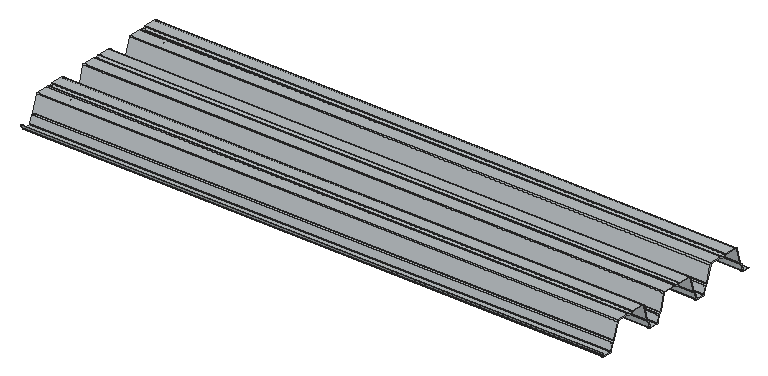
Revit family "28_SB_NL_Delft_Profielen_106R_750", category Structural Framing, Revit 2016
Family settings
  Section Shape = Not Defined
  Material for Model Behavior = Other
  Always export as geometry = No
  OmniClass Number = 23.25.30.11.14.14
  OmniClass Title = Beams
  Always vertical = Yes
  Cut with Voids When Loaded = No
  Symbolic Representation = From Family
  Shared = No
  Show family pre-cut in plan views = Yes
Parameters (values of type "106R_750")
  Vrijkomen van cadium = "NPD"
  URL = "www.delftprofielen.nl"
  Type plaat = 28_Prof_106_750 : 106_750
  Toleranties op vorm en afmetingen = "Tolerantieklasse D1 volgens EN 1090-2"
  Structural Material [instance] = (empty or 0)
  Reactie op bbrand = "Klasse A1"
  Radioactieve straling = "NPD"
  Ontwerp = "NPD"
  Norm = "NEN-EN 1090-1: 2009 + A1:2011"
  Minimale plaatlengte = 1500 mm
  Minimale overlap = 100 mm
  Maximale plaatlengte = 25000 mm
  Materiaal = S320D GD
  Manufacturer = "Delft profielen b.v."
  Length [instance] = 3000 mm
  Fabricage = "Warmdakplaten Delft 106R/750 én EN 1090-2"
  Duurzaamheid = "Verzinkt Z-275 gr./m2 of interieur coating 15mu/BC"
  Dikte = 0.75 mm
  Description = "106R/750"
  Datum = "13-4-2018"
  Constructieve kenmerken = "-"
  BIM4ALL B.V. = "www.bim4all.com"
  Assembly Code = "28.31"
Reference planes
  plane 1 "Center (Front/Back)": y = 0
  plane 2 "Center Elevation": z = 0
  plane 3 "Center (Left/Right)": x = 0
  plane 4 "Left": x = -1500
  plane 5 "Member Left": x = -1250
  plane 6 "Stick Symbol Left": x = -1000
  plane 7 "Right": x = 1500
  plane 8 "Member Right": x = 1250
  plane 9 "Stick Symbol Right": x = 1000
Forms (mm)
  Sweep 1, solid, material "S320D GD" <- "Materiaal"
    path origin (0, 0, 0) x (1, 0, 0) y (0, 1, 0)
      loop
        line (-1250, 0) -> (1250, 0)
    profile "28_Prof_106_750 : 106_750" origin (0, 0, 0) x (0, 1, 0) y (0, 0, 1)
      loop
        line (192, 106) -> (139.221, 106)
        arc (139.221, 106) -> (137.826, 105.859) -> (136.486, 105.444) r 7
        line (136.486, 105.444) -> (126.954, 101.397)
        arc (126.954, 101.397) -> (125.001, 101) -> (123.047, 101.397) r 5
        line (123.047, 101.397) -> (113.515, 105.444)
        arc (113.515, 105.444) -> (112.176, 105.859) -> (110.78, 106) r 7
        line (110.78, 106) -> (58, 106)
        arc (58, 106) -> (55.592, 105.194) -> (54.154, 103.1) r 4
        line (54.154, 103.1) -> (35.849, 39.075)
        arc (35.849, 39.075) -> (35.49, 38.281) -> (34.918, 37.623) r 3
        line (34.918, 37.623) -> (29.688, 33.136)
        arc (29.688, 33.136) -> (28.927, 32.262) -> (28.448, 31.206) r 4
        line (28.448, 31.206) -> (20.383, 3.171)
        arc (20.383, 3.171) -> (19.304, 1.603) -> (17.5, 1) r 3
        line (17.5, 1) -> (-17.5, 1)
        arc (-17.5, 1) -> (-19.454, 1.724) -> (-20.465, 3.545) r 3
        arc (-20.465, 3.545) -> (-24.544, 13.496) -> (-31.573, 21.635) r 33.413
        line (-31.573, 21.635) -> (-32.215, 20.869)
        arc (-32.215, 20.869) -> (-25.406, 12.988) -> (-21.447, 3.354) r 32.413
        arc (-21.447, 3.354) -> (-20.09, 0.952) -> (-17.5, 0) r 4
        line (-17.5, 0) -> (17.5, 0)
        arc (17.5, 0) -> (19.906, 0.804) -> (21.344, 2.894) r 4
        line (21.344, 2.894) -> (29.409, 30.929)
        arc (29.409, 30.929) -> (29.768, 31.721) -> (30.339, 32.377) r 3
        line (30.339, 32.377) -> (35.569, 36.864)
        arc (35.569, 36.864) -> (36.332, 37.741) -> (36.81, 38.8) r 4
        line (36.81, 38.8) -> (55.116, 102.825)
        arc (55.116, 102.825) -> (56.194, 104.395) -> (58, 105) r 3
        line (58, 105) -> (110.78, 105)
        arc (110.78, 105) -> (111.976, 104.88) -> (113.124, 104.523) r 6
        line (113.124, 104.523) -> (122.656, 100.477)
        arc (122.656, 100.477) -> (125.001, 100) -> (127.345, 100.477) r 6
        line (127.345, 100.477) -> (136.877, 104.523)
        arc (136.877, 104.523) -> (138.025, 104.88) -> (139.221, 105) r 6
        line (139.221, 105) -> (192, 105)
        arc (192, 105) -> (193.806, 104.395) -> (194.884, 102.825) r 3
        line (194.884, 102.825) -> (213.19, 38.8)
        arc (213.19, 38.8) -> (213.668, 37.741) -> (214.431, 36.864) r 4
        line (214.431, 36.864) -> (219.661, 32.377)
        arc (219.661, 32.377) -> (220.232, 31.721) -> (220.591, 30.929) r 3
        line (220.591, 30.929) -> (228.656, 2.894)
        arc (228.656, 2.894) -> (230.094, 0.804) -> (232.5, 0) r 4
        line (232.5, 0) -> (267.5, 0)
        arc (267.5, 0) -> (269.906, 0.804) -> (271.344, 2.894) r 4
        line (271.344, 2.894) -> (279.409, 30.929)
        arc (279.409, 30.929) -> (279.768, 31.721) -> (280.339, 32.377) r 3
        line (280.339, 32.377) -> (285.569, 36.864)
        arc (285.569, 36.864) -> (286.332, 37.741) -> (286.81, 38.8) r 4
        line (286.81, 38.8) -> (305.116, 102.825)
        arc (305.116, 102.825) -> (306.194, 104.395) -> (308, 105) r 3
        line (308, 105) -> (360.78, 105)
        arc (360.78, 105) -> (361.976, 104.88) -> (363.124, 104.523) r 6
        line (363.124, 104.523) -> (372.656, 100.477)
        arc (372.656, 100.477) -> (375.001, 100) -> (377.345, 100.477) r 6
        line (377.345, 100.477) -> (386.877, 104.523)
        arc (386.877, 104.523) -> (388.025, 104.88) -> (389.221, 105) r 6
        line (389.221, 105) -> (442.001, 105)
        arc (442.001, 105) -> (443.807, 104.395) -> (444.885, 102.825) r 3
        line (444.885, 102.825) -> (463.191, 38.8)
        arc (463.191, 38.8) -> (463.67, 37.741) -> (464.432, 36.864) r 4
        line (464.432, 36.864) -> (469.663, 32.377)
        arc (469.663, 32.377) -> (470.233, 31.721) -> (470.592, 30.929) r 3
        line (470.592, 30.929) -> (478.657, 2.894)
        arc (478.657, 2.894) -> (480.096, 0.804) -> (482.501, 0) r 4
        line (482.501, 0) -> (517.501, 0)
        arc (517.501, 0) -> (519.907, 0.804) -> (521.346, 2.894) r 4
        line (521.346, 2.894) -> (529.411, 30.929)
        arc (529.411, 30.929) -> (529.77, 31.721) -> (530.34, 32.377) r 3
        line (530.34, 32.377) -> (535.571, 36.864)
        arc (535.571, 36.864) -> (536.333, 37.741) -> (536.812, 38.8) r 4
        line (536.812, 38.8) -> (555.117, 102.825)
        arc (555.117, 102.825) -> (556.195, 104.395) -> (558.001, 105) r 3
        line (558.001, 105) -> (610.78, 105)
        arc (610.78, 105) -> (611.976, 104.88) -> (613.124, 104.523) r 6
        line (613.124, 104.523) -> (622.656, 100.477)
        arc (622.656, 100.477) -> (625.001, 100) -> (627.345, 100.477) r 6
        line (627.345, 100.477) -> (636.877, 104.523)
        arc (636.877, 104.523) -> (638.025, 104.88) -> (639.221, 105) r 6
        line (639.221, 105) -> (692.001, 105)
        arc (692.001, 105) -> (693.808, 104.395) -> (694.886, 102.825) r 3
        line (694.886, 102.825) -> (713.191, 38.8)
        arc (713.191, 38.8) -> (713.67, 37.741) -> (714.432, 36.864) r 4
        line (714.432, 36.864) -> (719.663, 32.377)
        arc (719.663, 32.377) -> (720.233, 31.721) -> (720.592, 30.929) r 3
        line (720.592, 30.929) -> (728.657, 2.894)
        arc (728.657, 2.894) -> (730.096, 0.804) -> (732.501, 0) r 4
        line (732.501, 0) -> (758.657, 0) -> (758.657, 1) -> (732.501, 1)
        arc (732.501, 1) -> (730.697, 1.603) -> (729.618, 3.171) r 3
        line (729.618, 3.171) -> (721.553, 31.206)
        arc (721.553, 31.206) -> (721.075, 32.262) -> (720.314, 33.136) r 4
        line (720.314, 33.136) -> (715.084, 37.623)
        arc (715.084, 37.623) -> (714.511, 38.281) -> (714.153, 39.075) r 3
        line (714.153, 39.075) -> (695.847, 103.1)
        arc (695.847, 103.1) -> (694.41, 105.194) -> (692.001, 106) r 4
        line (692.001, 106) -> (639.221, 106)
        arc (639.221, 106) -> (637.826, 105.859) -> (636.486, 105.444) r 7
        line (636.486, 105.444) -> (626.954, 101.397)
        arc (626.954, 101.397) -> (625.001, 101) -> (623.047, 101.397) r 5
        line (623.047, 101.397) -> (613.515, 105.444)
        arc (613.515, 105.444) -> (612.176, 105.859) -> (610.78, 106) r 7
        line (610.78, 106) -> (558.001, 106)
        arc (558.001, 106) -> (555.593, 105.194) -> (554.156, 103.1) r 4
        line (554.156, 103.1) -> (535.85, 39.075)
        arc (535.85, 39.075) -> (535.492, 38.281) -> (534.919, 37.623) r 3
        line (534.919, 37.623) -> (529.689, 33.136)
        arc (529.689, 33.136) -> (528.928, 32.262) -> (528.45, 31.206) r 4
        line (528.45, 31.206) -> (520.385, 3.171)
        arc (520.385, 3.171) -> (519.306, 1.603) -> (517.501, 1) r 3
        line (517.501, 1) -> (482.501, 1)
        arc (482.501, 1) -> (480.697, 1.603) -> (479.618, 3.171) r 3
        line (479.618, 3.171) -> (471.553, 31.206)
        arc (471.553, 31.206) -> (471.075, 32.262) -> (470.314, 33.136) r 4
        line (470.314, 33.136) -> (465.084, 37.623)
        arc (465.084, 37.623) -> (464.511, 38.281) -> (464.153, 39.075) r 3
        line (464.153, 39.075) -> (445.847, 103.1)
        arc (445.847, 103.1) -> (444.409, 105.194) -> (442.001, 106) r 4
        line (442.001, 106) -> (389.221, 106)
        arc (389.221, 106) -> (387.826, 105.859) -> (386.486, 105.444) r 7
        line (386.486, 105.444) -> (376.954, 101.397)
        arc (376.954, 101.397) -> (375.001, 101) -> (373.047, 101.397) r 5
        line (373.047, 101.397) -> (363.515, 105.444)
        arc (363.515, 105.444) -> (362.176, 105.859) -> (360.78, 106) r 7
        line (360.78, 106) -> (308, 106)
        arc (308, 106) -> (305.592, 105.194) -> (304.154, 103.1) r 4
        line (304.154, 103.1) -> (285.849, 39.075)
        arc (285.849, 39.075) -> (285.49, 38.281) -> (284.918, 37.623) r 3
        line (284.918, 37.623) -> (279.688, 33.136)
        arc (279.688, 33.136) -> (278.927, 32.262) -> (278.448, 31.206) r 4
        line (278.448, 31.206) -> (270.383, 3.171)
        arc (270.383, 3.171) -> (269.304, 1.603) -> (267.5, 1) r 3
        line (267.5, 1) -> (232.5, 1)
        arc (232.5, 1) -> (230.696, 1.603) -> (229.617, 3.171) r 3
        line (229.617, 3.171) -> (221.552, 31.206)
        arc (221.552, 31.206) -> (221.073, 32.262) -> (220.312, 33.136) r 4
        line (220.312, 33.136) -> (215.082, 37.623)
        arc (215.082, 37.623) -> (214.51, 38.281) -> (214.151, 39.075) r 3
        line (214.151, 39.075) -> (195.846, 103.1)
        arc (195.846, 103.1) -> (194.408, 105.194) -> (192, 106) r 4
Lines and regions (mm)
  model lines, style "Stick Symbols", detail levels coarse
    curve 1: line (-1000, 0, 0) -> (1000, 0, 0)
Dimensions and locks
  equal spacing: plane 4 "Left", plane 3 "Center (Left/Right)", plane 7 "Right"
  "Length": plane 4 "Left" to plane 7 "Right"
  aligned and locked: plane 1 "Center (Front/Back)" to curve 1
  aligned and locked: plane 6 "Stick Symbol Left" to curve 1
  aligned and locked: plane 9 "Stick Symbol Right" to curve 1
  aligned and locked: level to plane 2 "Center Elevation"
  aligned and locked: plane 8 "Member Right" to Sweep 1 sketch curve
  aligned and locked: plane 5 "Member Left" to Sweep 1 sketch curve
Automatic sketch dimensions
  plane 1 "Center (Front/Back)" to Sweep 1 sketch curve = 0 mm
